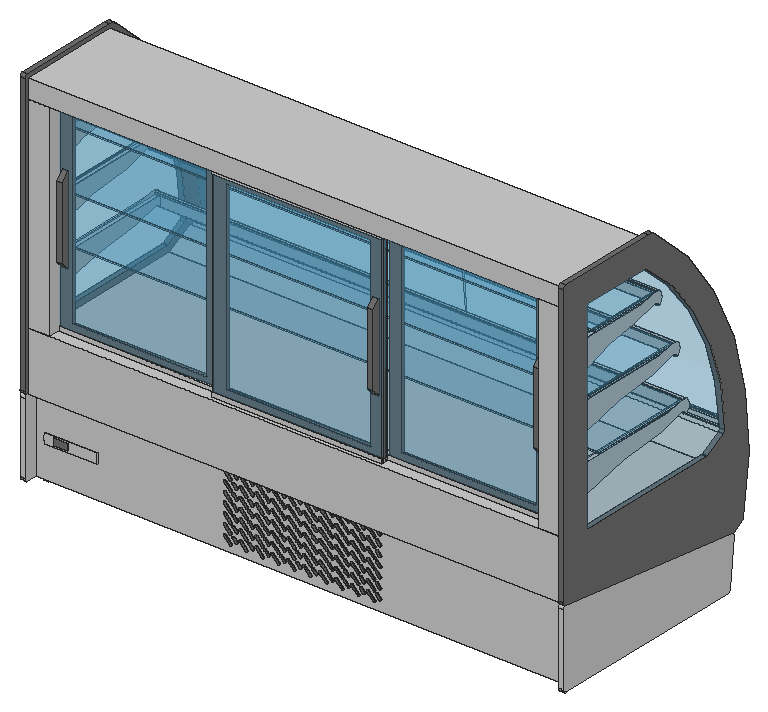
Revit family "QF_INFRICO_VBR18R_250814030451", category Specialty Equipment, Revit 2021 (continued)
Definition of nested family "QF_INFRICO_VBR18R_2920"
  Forms (mm)
    Extrusion 69, solid
      sketch origin (1955.876, -765.123, -1.698) x (-1, 0, 0) y (0, 0, 1)
        loop
          arc (983.532, 202.648) -> (983.532, 209.012) -> (977.168, 209.012) r 4.5
          line (977.168, 209.012) -> (965.855, 197.698)
          arc (965.855, 197.698) -> (965.855, 191.335) -> (972.219, 191.335) r 4.5
        loop
          line (992.976, 212.364) -> (1014.896, 234.284)
          arc (1014.896, 234.284) -> (1014.896, 240.648) -> (1008.532, 240.648) r 4.5
          line (1008.532, 240.648) -> (986.612, 218.728)
          arc (986.612, 218.728) -> (986.612, 212.364) -> (992.976, 212.364) r 4.5
        loop
          line (972.219, 225.335) -> (983.532, 236.648)
          arc (983.532, 236.648) -> (983.532, 243.012) -> (977.168, 243.012) r 4.5
          line (977.168, 243.012) -> (965.855, 231.698)
          arc (965.855, 231.698) -> (965.855, 225.335) -> (972.219, 225.335) r 4.5
        loop
          line (992.976, 246.364) -> (1014.896, 268.284)
          arc (1014.896, 268.284) -> (1014.896, 274.648) -> (1008.532, 274.648) r 4.5
          line (1008.532, 274.648) -> (986.612, 252.728)
          arc (986.612, 252.728) -> (986.612, 246.364) -> (992.976, 246.364) r 4.5
        loop
          line (972.219, 259.335) -> (983.532, 270.648)
          arc (983.532, 270.648) -> (983.532, 277.012) -> (977.168, 277.012) r 4.5
          line (977.168, 277.012) -> (965.855, 265.698)
          arc (965.855, 265.698) -> (965.855, 259.335) -> (972.219, 259.335) r 4.5
        loop
          line (936.976, 42.364) -> (958.896, 64.284)
          arc (958.896, 64.284) -> (958.896, 70.648) -> (952.532, 70.648) r 4.5
          line (952.532, 70.648) -> (930.612, 48.728)
          arc (930.612, 48.728) -> (930.612, 42.364) -> (936.976, 42.364) r 4.5
        loop
          line (916.219, 55.335) -> (927.532, 66.648)
          arc (927.532, 66.648) -> (927.532, 73.012) -> (921.168, 73.012) r 4.5
          line (921.168, 73.012) -> (909.855, 61.698)
          arc (909.855, 61.698) -> (909.855, 55.335) -> (916.219, 55.335) r 4.5
        loop
          line (936.976, 76.364) -> (958.896, 98.284)
          arc (958.896, 98.284) -> (958.896, 104.648) -> (952.532, 104.648) r 4.5
          line (952.532, 104.648) -> (930.612, 82.728)
          arc (930.612, 82.728) -> (930.612, 76.364) -> (936.976, 76.364) r 4.5
        loop
          line (916.219, 89.335) -> (927.532, 100.648)
          arc (927.532, 100.648) -> (927.532, 107.012) -> (921.168, 107.012) r 4.5
          line (921.168, 107.012) -> (909.855, 95.698)
          arc (909.855, 95.698) -> (909.855, 89.335) -> (916.219, 89.335) r 4.5
        loop
          line (936.976, 110.364) -> (958.896, 132.284)
          arc (958.896, 132.284) -> (958.896, 138.648) -> (952.532, 138.648) r 4.5
          line (952.532, 138.648) -> (930.612, 116.728)
          arc (930.612, 116.728) -> (930.612, 110.364) -> (936.976, 110.364) r 4.5
        loop
          line (916.219, 123.335) -> (927.532, 134.648)
          arc (927.532, 134.648) -> (927.532, 141.012) -> (921.168, 141.012) r 4.5
          line (921.168, 141.012) -> (909.855, 129.698)
          arc (909.855, 129.698) -> (909.855, 123.335) -> (916.219, 123.335) r 4.5
        loop
          line (936.976, 144.364) -> (958.896, 166.284)
          arc (958.896, 166.284) -> (958.896, 172.648) -> (952.532, 172.648) r 4.5
          line (952.532, 172.648) -> (930.612, 150.728)
          arc (930.612, 150.728) -> (930.612, 144.364) -> (936.976, 144.364) r 4.5
        loop
          line (916.219, 157.335) -> (927.532, 168.648)
          arc (927.532, 168.648) -> (927.532, 175.012) -> (921.168, 175.012) r 4.5
          line (921.168, 175.012) -> (909.855, 163.698)
          arc (909.855, 163.698) -> (909.855, 157.335) -> (916.219, 157.335) r 4.5
        loop
          line (936.976, 178.364) -> (958.896, 200.284)
          arc (958.896, 200.284) -> (958.896, 206.648) -> (952.532, 206.648) r 4.5
          line (952.532, 206.648) -> (930.612, 184.728)
          arc (930.612, 184.728) -> (930.612, 178.364) -> (936.976, 178.364) r 4.5
        loop
          line (916.219, 191.335) -> (927.532, 202.648)
          arc (927.532, 202.648) -> (927.532, 209.012) -> (921.168, 209.012) r 4.5
          line (921.168, 209.012) -> (909.855, 197.698)
          arc (909.855, 197.698) -> (909.855, 191.335) -> (916.219, 191.335) r 4.5
        loop
          line (936.976, 212.364) -> (958.896, 234.284)
          arc (958.896, 234.284) -> (958.896, 240.648) -> (952.532, 240.648) r 4.5
          line (952.532, 240.648) -> (930.612, 218.728)
          arc (930.612, 218.728) -> (930.612, 212.364) -> (936.976, 212.364) r 4.5
        loop
          line (916.219, 225.335) -> (927.532, 236.648)
          arc (927.532, 236.648) -> (927.532, 243.012) -> (921.168, 243.012) r 4.5
          line (921.168, 243.012) -> (909.855, 231.698)
          arc (909.855, 231.698) -> (909.855, 225.335) -> (916.219, 225.335) r 4.5
        loop
          line (936.976, 246.364) -> (958.896, 268.284)
          arc (958.896, 268.284) -> (958.896, 274.648) -> (952.532, 274.648) r 4.5
          line (952.532, 274.648) -> (930.612, 252.728)
          arc (930.612, 252.728) -> (930.612, 246.364) -> (936.976, 246.364) r 4.5
        loop
          line (916.219, 259.335) -> (927.532, 270.648)
          arc (927.532, 270.648) -> (927.532, 277.012) -> (921.168, 277.012) r 4.5
          line (921.168, 277.012) -> (909.855, 265.698)
          arc (909.855, 265.698) -> (909.855, 259.335) -> (916.219, 259.335) r 4.5
        loop
          line (880.976, 42.364) -> (902.896, 64.284)
          arc (902.896, 64.284) -> (902.896, 70.648) -> (896.532, 70.648) r 4.5
          line (896.532, 70.648) -> (874.612, 48.728)
          arc (874.612, 48.728) -> (874.612, 42.364) -> (880.976, 42.364) r 4.5
        loop
          line (860.219, 55.335) -> (871.532, 66.648)
          arc (871.532, 66.648) -> (871.532, 73.012) -> (865.168, 73.012) r 4.5
          line (865.168, 73.012) -> (853.855, 61.698)
          arc (853.855, 61.698) -> (853.855, 55.335) -> (860.219, 55.335) r 4.5
        loop
          line (880.976, 76.364) -> (902.896, 98.284)
          arc (902.896, 98.284) -> (902.896, 104.648) -> (896.532, 104.648) r 4.5
          line (896.532, 104.648) -> (874.612, 82.728)
          arc (874.612, 82.728) -> (874.612, 76.364) -> (880.976, 76.364) r 4.5
        loop
          line (860.219, 89.335) -> (871.532, 100.648)
          arc (871.532, 100.648) -> (871.532, 107.012) -> (865.168, 107.012) r 4.5
          line (865.168, 107.012) -> (853.855, 95.698)
          arc (853.855, 95.698) -> (853.855, 89.335) -> (860.219, 89.335) r 4.5
        loop
          line (880.976, 110.364) -> (902.896, 132.284)
          arc (902.896, 132.284) -> (902.896, 138.648) -> (896.532, 138.648) r 4.5
          line (896.532, 138.648) -> (874.612, 116.728)
          arc (874.612, 116.728) -> (874.612, 110.364) -> (880.976, 110.364) r 4.5
        loop
          line (860.219, 123.335) -> (871.532, 134.648)
          arc (871.532, 134.648) -> (871.532, 141.012) -> (865.168, 141.012) r 4.5
          line (865.168, 141.012) -> (853.855, 129.698)
          arc (853.855, 129.698) -> (853.855, 123.335) -> (860.219, 123.335) r 4.5
        loop
          line (880.976, 144.364) -> (902.896, 166.284)
          arc (902.896, 166.284) -> (902.896, 172.648) -> (896.532, 172.648) r 4.5
          line (896.532, 172.648) -> (874.612, 150.728)
          arc (874.612, 150.728) -> (874.612, 144.364) -> (880.976, 144.364) r 4.5
        loop
          line (860.219, 157.335) -> (871.532, 168.648)
          arc (871.532, 168.648) -> (871.532, 175.012) -> (865.168, 175.012) r 4.5
          line (865.168, 175.012) -> (853.855, 163.698)
          arc (853.855, 163.698) -> (853.855, 157.335) -> (860.219, 157.335) r 4.5
        loop
          line (880.976, 178.364) -> (902.896, 200.284)
          arc (902.896, 200.284) -> (902.896, 206.648) -> (896.532, 206.648) r 4.5
          line (896.532, 206.648) -> (874.612, 184.728)
          arc (874.612, 184.728) -> (874.612, 178.364) -> (880.976, 178.364) r 4.5
        loop
          line (860.219, 191.335) -> (871.532, 202.648)
          arc (871.532, 202.648) -> (871.532, 209.012) -> (865.168, 209.012) r 4.5
          line (865.168, 209.012) -> (853.855, 197.698)
          arc (853.855, 197.698) -> (853.855, 191.335) -> (860.219, 191.335) r 4.5
        loop
          line (880.976, 212.364) -> (902.896, 234.284)
          arc (902.896, 234.284) -> (902.896, 240.648) -> (896.532, 240.648) r 4.5
          line (896.532, 240.648) -> (874.612, 218.728)
          arc (874.612, 218.728) -> (874.612, 212.364) -> (880.976, 212.364) r 4.5
        loop
          line (860.219, 225.335) -> (871.532, 236.648)
          arc (871.532, 236.648) -> (871.532, 243.012) -> (865.168, 243.012) r 4.5
          line (865.168, 243.012) -> (853.855, 231.698)
          arc (853.855, 231.698) -> (853.855, 225.335) -> (860.219, 225.335) r 4.5
        loop
          line (880.976, 246.364) -> (902.896, 268.284)
          arc (902.896, 268.284) -> (902.896, 274.648) -> (896.532, 274.648) r 4.5
          line (896.532, 274.648) -> (874.612, 252.728)
          arc (874.612, 252.728) -> (874.612, 246.364) -> (880.976, 246.364) r 4.5
        loop
          line (860.219, 259.335) -> (871.532, 270.648)
          arc (871.532, 270.648) -> (871.532, 277.012) -> (865.168, 277.012) r 4.5
          line (865.168, 277.012) -> (853.855, 265.698)
          arc (853.855, 265.698) -> (853.855, 259.335) -> (860.219, 259.335) r 4.5
        loop
          line (824.976, 42.364) -> (846.896, 64.284)
          arc (846.896, 64.284) -> (846.896, 70.648) -> (840.532, 70.648) r 4.5
          line (840.532, 70.648) -> (818.612, 48.728)
          arc (818.612, 48.728) -> (818.612, 42.364) -> (824.976, 42.364) r 4.5
        loop
          line (804.219, 55.335) -> (815.532, 66.648)
          arc (815.532, 66.648) -> (815.532, 73.012) -> (809.168, 73.012) r 4.5
          line (809.168, 73.012) -> (797.855, 61.698)
          arc (797.855, 61.698) -> (797.855, 55.335) -> (804.219, 55.335) r 4.5
        loop
          line (824.976, 76.364) -> (846.896, 98.284)
          arc (846.896, 98.284) -> (846.896, 104.648) -> (840.532, 104.648) r 4.5
          line (840.532, 104.648) -> (818.612, 82.728)
          arc (818.612, 82.728) -> (818.612, 76.364) -> (824.976, 76.364) r 4.5
        loop
          line (804.219, 89.335) -> (815.532, 100.648)
          arc (815.532, 100.648) -> (815.532, 107.012) -> (809.168, 107.012) r 4.5
          line (809.168, 107.012) -> (797.855, 95.698)
          arc (797.855, 95.698) -> (797.855, 89.335) -> (804.219, 89.335) r 4.5
        loop
          line (824.976, 110.364) -> (846.896, 132.284)
          arc (846.896, 132.284) -> (846.896, 138.648) -> (840.532, 138.648) r 4.5
          line (840.532, 138.648) -> (818.612, 116.728)
          arc (818.612, 116.728) -> (818.612, 110.364) -> (824.976, 110.364) r 4.5
        loop
          line (804.219, 123.335) -> (815.532, 134.648)
          arc (815.532, 134.648) -> (815.532, 141.012) -> (809.168, 141.012) r 4.5
          line (809.168, 141.012) -> (797.855, 129.698)
          arc (797.855, 129.698) -> (797.855, 123.335) -> (804.219, 123.335) r 4.5
        loop
          line (824.976, 144.364) -> (846.896, 166.284)
          arc (846.896, 166.284) -> (846.896, 172.648) -> (840.532, 172.648) r 4.5
          line (840.532, 172.648) -> (818.612, 150.728)
          arc (818.612, 150.728) -> (818.612, 144.364) -> (824.976, 144.364) r 4.5
        loop
          line (804.219, 157.335) -> (815.532, 168.648)
          arc (815.532, 168.648) -> (815.532, 175.012) -> (809.168, 175.012) r 4.5
          line (809.168, 175.012) -> (797.855, 163.698)
          arc (797.855, 163.698) -> (797.855, 157.335) -> (804.219, 157.335) r 4.5
        loop
          line (824.976, 178.364) -> (846.896, 200.284)
          arc (846.896, 200.284) -> (846.896, 206.648) -> (840.532, 206.648) r 4.5
          line (840.532, 206.648) -> (818.612, 184.728)
          arc (818.612, 184.728) -> (818.612, 178.364) -> (824.976, 178.364) r 4.5
        loop
          line (804.219, 191.335) -> (815.532, 202.648)
          arc (815.532, 202.648) -> (815.532, 209.012) -> (809.168, 209.012) r 4.5
          line (809.168, 209.012) -> (797.855, 197.698)
          arc (797.855, 197.698) -> (797.855, 191.335) -> (804.219, 191.335) r 4.5
        loop
          line (824.976, 212.364) -> (846.896, 234.284)
          arc (846.896, 234.284) -> (846.896, 240.648) -> (840.532, 240.648) r 4.5
          line (840.532, 240.648) -> (818.612, 218.728)
          arc (818.612, 218.728) -> (818.612, 212.364) -> (824.976, 212.364) r 4.5
        loop
          line (804.219, 225.335) -> (815.532, 236.648)
          arc (815.532, 236.648) -> (815.532, 243.012) -> (809.168, 243.012) r 4.5
          line (809.168, 243.012) -> (797.855, 231.698)
          arc (797.855, 231.698) -> (797.855, 225.335) -> (804.219, 225.335) r 4.5
        loop
          line (824.976, 246.364) -> (846.896, 268.284)
          arc (846.896, 268.284) -> (846.896, 274.648) -> (840.532, 274.648) r 4.5
          line (840.532, 274.648) -> (818.612, 252.728)
          arc (818.612, 252.728) -> (818.612, 246.364) -> (824.976, 246.364) r 4.5
        loop
          line (804.219, 259.335) -> (815.532, 270.648)
          arc (815.532, 270.648) -> (815.532, 277.012) -> (809.168, 277.012) r 4.5
          line (809.168, 277.012) -> (797.855, 265.698)
          arc (797.855, 265.698) -> (797.855, 259.335) -> (804.219, 259.335) r 4.5
        loop
          line (768.976, 42.364) -> (790.896, 64.284)
          arc (790.896, 64.284) -> (790.896, 70.648) -> (784.532, 70.648) r 4.5
          line (784.532, 70.648) -> (762.612, 48.728)
          arc (762.612, 48.728) -> (762.612, 42.364) -> (768.976, 42.364) r 4.5
        loop
          line (748.219, 55.335) -> (759.532, 66.648)
          arc (759.532, 66.648) -> (759.532, 73.012) -> (753.168, 73.012) r 4.5
          line (753.168, 73.012) -> (741.855, 61.698)
          arc (741.855, 61.698) -> (741.855, 55.335) -> (748.219, 55.335) r 4.5
        loop
          line (768.976, 76.364) -> (790.896, 98.284)
          arc (790.896, 98.284) -> (790.896, 104.648) -> (784.532, 104.648) r 4.5
          line (784.532, 104.648) -> (762.612, 82.728)
          arc (762.612, 82.728) -> (762.612, 76.364) -> (768.976, 76.364) r 4.5
        loop
          line (748.219, 89.335) -> (759.532, 100.648)
          arc (759.532, 100.648) -> (759.532, 107.012) -> (753.168, 107.012) r 4.5
          line (753.168, 107.012) -> (741.855, 95.698)
          arc (741.855, 95.698) -> (741.855, 89.335) -> (748.219, 89.335) r 4.5
        loop
          line (768.976, 110.364) -> (790.896, 132.284)
          arc (790.896, 132.284) -> (790.896, 138.648) -> (784.532, 138.648) r 4.5
          line (784.532, 138.648) -> (762.612, 116.728)
          arc (762.612, 116.728) -> (762.612, 110.364) -> (768.976, 110.364) r 4.5
        loop
          line (748.219, 123.335) -> (759.532, 134.648)
          arc (759.532, 134.648) -> (759.532, 141.012) -> (753.168, 141.012) r 4.5
          line (753.168, 141.012) -> (741.855, 129.698)
          arc (741.855, 129.698) -> (741.855, 123.335) -> (748.219, 123.335) r 4.5
        loop
          line (768.976, 144.364) -> (790.896, 166.284)
          arc (790.896, 166.284) -> (790.896, 172.648) -> (784.532, 172.648) r 4.5
          line (784.532, 172.648) -> (762.612, 150.728)
          arc (762.612, 150.728) -> (762.612, 144.364) -> (768.976, 144.364) r 4.5
        loop
          line (748.219, 157.335) -> (759.532, 168.648)
          arc (759.532, 168.648) -> (759.532, 175.012) -> (753.168, 175.012) r 4.5
          line (753.168, 175.012) -> (741.855, 163.698)
          arc (741.855, 163.698) -> (741.855, 157.335) -> (748.219, 157.335) r 4.5
        loop
          line (768.976, 178.364) -> (790.896, 200.284)
          arc (790.896, 200.284) -> (790.896, 206.648) -> (784.532, 206.648) r 4.5
          line (784.532, 206.648) -> (762.612, 184.728)
          arc (762.612, 184.728) -> (762.612, 178.364) -> (768.976, 178.364) r 4.5
        loop
          line (748.219, 191.335) -> (759.532, 202.648)
          arc (759.532, 202.648) -> (759.532, 209.012) -> (753.168, 209.012) r 4.5
          line (753.168, 209.012) -> (741.855, 197.698)
          arc (741.855, 197.698) -> (741.855, 191.335) -> (748.219, 191.335) r 4.5
        loop
          line (768.976, 212.364) -> (790.896, 234.284)
          arc (790.896, 234.284) -> (790.896, 240.648) -> (784.532, 240.648) r 4.5
          line (784.532, 240.648) -> (762.612, 218.728)
          arc (762.612, 218.728) -> (762.612, 212.364) -> (768.976, 212.364) r 4.5
        loop
          line (748.219, 225.335) -> (759.532, 236.648)
          arc (759.532, 236.648) -> (759.532, 243.012) -> (753.168, 243.012) r 4.5
          line (753.168, 243.012) -> (741.855, 231.698)
          arc (741.855, 231.698) -> (741.855, 225.335) -> (748.219, 225.335) r 4.5
        loop
          line (768.976, 246.364) -> (790.896, 268.284)
          arc (790.896, 268.284) -> (790.896, 274.648) -> (784.532, 274.648) r 4.5
          line (784.532, 274.648) -> (762.612, 252.728)
          arc (762.612, 252.728) -> (762.612, 246.364) -> (768.976, 246.364) r 4.5
        loop
          line (748.219, 259.335) -> (759.532, 270.648)
          arc (759.532, 270.648) -> (759.532, 277.012) -> (753.168, 277.012) r 4.5
          line (753.168, 277.012) -> (741.855, 265.698)
          arc (741.855, 265.698) -> (741.855, 259.335) -> (748.219, 259.335) r 4.5
      from 0 to 2
    Extrusion 70, solid
      sketch origin (-1164.261, -765.023, -465.555) x (1, 0, 0) y (0, 0, 1)
        loop
          arc (1199.261, 600.555) -> (1290.761, 599.555) -> (1382.261, 600.555) r 4186.625
          arc (1382.261, 600.555) -> (1383.261, 617.555) -> (1382.261, 634.555) r 145
          arc (1382.261, 634.555) -> (1290.761, 635.555) -> (1199.261, 634.555) r 4186.625
          arc (1199.261, 634.555) -> (1198.261, 617.555) -> (1199.261, 600.555) r 145
      from 0 to 5
    Extrusion 71, solid
      sketch origin (-1145.261, -768.123, -465.555) x (1, 0, 0) y (0, 0, 1)
        loop
          line (1212.261, 629.555) -> (1212.261, 605.555) -> (1262.261, 605.555) -> (1262.261, 629.555) -> (1212.261, 629.555)
      from 0 to 2
    Extrusion 72, solid, visible <- "Show Logo"
      sketch origin (1362.72, -52.93, -305.042) x (-1, 0, 0) y (0, -0.045615, -0.998959)
        loop
          line (1208.799, -696.53) -> (1204.173, -696.53) -> (1204.173, -719.204) -> (1208.799, -719.204) -> (1208.799, -696.53)
        loop
          arc (1214.779, -713.006) -> (1215.36, -712.765) -> (1215.601, -712.184) r 0.822
          line (1215.601, -712.184) -> (1215.669, -711.361)
          arc (1215.669, -711.361) -> (1218.282, -712.674) -> (1221.141, -713.281) r 11.435
          arc (1221.141, -713.281) -> (1224.637, -712.075) -> (1226.121, -708.689) r 4.607
          line (1226.121, -708.689) -> (1226.121, -696.53) -> (1221.598, -696.53) -> (1221.598, -707.557)
          arc (1221.598, -707.557) -> (1220.929, -708.961) -> (1219.417, -709.324) r 1.806
          arc (1219.417, -709.324) -> (1217.528, -708.741) -> (1215.772, -707.832) r 11.052
          line (1215.772, -707.832) -> (1215.772, -696.53) -> (1211.283, -696.53) -> (1211.283, -713.006) -> (1214.779, -713.006)
        loop
          line (1238.557, -720.102) -> (1238.557, -717.255)
          arc (1238.557, -717.255) -> (1238.306, -716.65) -> (1237.7, -716.399) r 0.857
          line (1237.7, -716.399) -> (1236.045, -716.271)
          arc (1236.045, -716.271) -> (1234.956, -715.705) -> (1234.547, -714.548) r 1.67
          line (1234.547, -714.548) -> (1234.547, -712.938) -> (1238.249, -712.938) -> (1238.249, -709.374) -> (1234.547, -709.374) -> (1234.547, -696.53) -> (1230.024, -696.53) -> (1230.024, -709.374) -> (1227.351, -709.374) -> (1227.351, -712.703) -> (1230.024, -712.909) -> (1230.024, -715.062)
          arc (1230.024, -715.062) -> (1230.805, -717.616) -> (1232.881, -719.297) r 4.567
          arc (1232.881, -719.297) -> (1235.052, -719.926) -> (1237.306, -720.102) r 11.103
          line (1237.306, -720.102) -> (1238.557, -720.102)
        loop
          line (1239.479, -713.006) -> (1243.726, -713.006) -> (1243.899, -710.984)
          arc (1243.899, -710.984) -> (1246.197, -712.588) -> (1248.912, -713.28) r 7.833
          arc (1248.912, -713.28) -> (1249.531, -713.061) -> (1249.793, -712.458) r 0.824
          line (1249.793, -712.458) -> (1249.793, -710.265)
          arc (1249.793, -710.265) -> (1249.643, -709.758) -> (1249.241, -709.416) r 0.928
          line (1249.241, -709.416) -> (1248.077, -709.268)
          arc (1248.077, -709.268) -> (1245.873, -708.631) -> (1243.968, -707.352) r 7.435
          line (1243.968, -707.352) -> (1243.968, -696.53) -> (1239.479, -696.53) -> (1239.479, -713.006)
        loop
          line (1255.495, -696.53) -> (1251.006, -696.53) -> (1251.006, -713.006) -> (1255.495, -713.006) -> (1255.495, -696.53)
        loop
          line (1257.421, -701.327) -> (1257.421, -708.243)
          arc (1257.421, -708.243) -> (1258.571, -711.349) -> (1261.466, -712.959) r 4.772
          arc (1261.466, -712.959) -> (1264.493, -713.294) -> (1267.521, -712.959) r 13.851
          arc (1267.521, -712.959) -> (1270.524, -710.556) -> (1271.505, -706.838) r 6.132
          line (1271.505, -706.838) -> (1267.187, -706.838) -> (1267.187, -707.9)
          arc (1267.187, -707.9) -> (1266.64, -709.118) -> (1265.442, -709.705) r 1.965
          arc (1265.442, -709.705) -> (1264.547, -709.754) -> (1263.653, -709.705) r 8.196
          arc (1263.653, -709.705) -> (1262.417, -709.155) -> (1261.91, -707.9) r 1.806
          line (1261.91, -707.9) -> (1261.91, -701.67)
          arc (1261.91, -701.67) -> (1262.417, -700.415) -> (1263.653, -699.865) r 1.806
          arc (1263.653, -699.865) -> (1264.547, -699.816) -> (1265.442, -699.865) r 8.196
          arc (1265.442, -699.865) -> (1266.64, -700.452) -> (1267.187, -701.67) r 1.965
          line (1267.187, -701.67) -> (1267.187, -703.041) -> (1271.505, -703.041)
          arc (1271.505, -703.041) -> (1270.575, -699.134) -> (1267.521, -696.525) r 6.481
          arc (1267.521, -696.525) -> (1264.493, -696.266) -> (1261.466, -696.525) r 17.816
          arc (1261.466, -696.525) -> (1258.567, -698.188) -> (1257.421, -701.327) r 4.873
        loop
          line (1272.916, -701.329) -> (1272.916, -708.242)
          arc (1272.916, -708.242) -> (1273.993, -711.226) -> (1276.726, -712.837) r 4.676
          arc (1276.726, -712.837) -> (1278.515, -713.116) -> (1280.318, -713.28) r 28.371
          arc (1280.318, -713.28) -> (1282.122, -713.116) -> (1283.911, -712.837) r 28.371
          arc (1283.911, -712.837) -> (1286.644, -711.226) -> (1287.72, -708.242) r 4.676
          line (1287.72, -708.242) -> (1287.72, -701.329)
          arc (1287.72, -701.329) -> (1286.644, -698.345) -> (1283.911, -696.734) r 4.676
          arc (1283.911, -696.734) -> (1282.122, -696.455) -> (1280.318, -696.291) r 28.371
          arc (1280.318, -696.291) -> (1278.515, -696.455) -> (1276.726, -696.734) r 28.371
          arc (1276.726, -696.734) -> (1273.993, -698.345) -> (1272.916, -701.329) r 4.676
        loop
          arc (1277.405, -707.866) -> (1277.844, -709.015) -> (1278.936, -709.58) r 1.725
          arc (1278.936, -709.58) -> (1279.627, -709.653) -> (1280.318, -709.716) r 46.133
          arc (1280.318, -709.716) -> (1281.01, -709.653) -> (1281.701, -709.58) r 46.133
          arc (1281.701, -709.58) -> (1282.793, -709.015) -> (1283.231, -707.866) r 1.725
          line (1283.231, -707.866) -> (1283.231, -701.705)
          arc (1283.231, -701.705) -> (1282.793, -700.556) -> (1281.701, -699.991) r 1.725
          arc (1281.701, -699.991) -> (1281.01, -699.918) -> (1280.318, -699.856) r 46.133
          arc (1280.318, -699.856) -> (1279.627, -699.918) -> (1278.936, -699.991) r 46.133
          arc (1278.936, -699.991) -> (1277.844, -700.556) -> (1277.405, -701.705) r 1.725
          line (1277.405, -701.705) -> (1277.405, -707.866)
        loop
          line (1190.339, -696.543) -> (1170.042, -696.543)
          arc (1170.042, -696.543) -> (1168.969, -696.987) -> (1168.525, -698.059) r 1.516
          line (1168.525, -698.059) -> (1168.525, -703.891) -> (1164.346, -703.891)
          arc (1164.346, -703.891) -> (1163.591, -704.121) -> (1163.163, -704.782) r 1.147
          line (1163.163, -704.782) -> (1163.163, -706.211)
          arc (1163.163, -706.211) -> (1163.594, -707.258) -> (1164.662, -707.634) r 1.385
          line (1164.662, -707.634) -> (1165.861, -707.634) -> (1163.163, -710.332)
          arc (1163.163, -710.332) -> (1162.776, -711.266) -> (1163.163, -712.2) r 1.321
          line (1163.163, -712.2) -> (1163.886, -712.923)
          arc (1163.886, -712.923) -> (1164.841, -713.338) -> (1165.823, -712.991) r 1.422
          line (1165.823, -712.991) -> (1168.528, -710.286) -> (1168.528, -711.479)
          arc (1168.528, -711.479) -> (1168.938, -712.516) -> (1169.946, -712.992) r 1.516
          line (1169.946, -712.992) -> (1170.867, -712.992)
          arc (1170.867, -712.992) -> (1171.87, -712.514) -> (1172.278, -711.479) r 1.516
          line (1172.278, -711.479) -> (1172.278, -706.83) -> (1178.308, -701.336) -> (1178.308, -707.509) -> (1174.742, -711.075)
          arc (1174.742, -711.075) -> (1174.328, -712.073) -> (1174.742, -713.071) r 1.412
          line (1174.742, -713.071) -> (1175.394, -713.723)
          arc (1175.394, -713.723) -> (1176.442, -714.141) -> (1177.466, -713.667) r 1.428
          line (1177.466, -713.667) -> (1178.308, -712.825) -> (1178.308, -717.784)
          arc (1178.308, -717.784) -> (1178.723, -718.787) -> (1179.726, -719.203) r 1.418
          line (1179.726, -719.203) -> (1180.655, -719.203)
          arc (1180.655, -719.203) -> (1181.658, -718.787) -> (1182.073, -717.784) r 1.418
          line (1182.073, -717.784) -> (1182.073, -712.825) -> (1182.915, -713.667)
          arc (1182.915, -713.667) -> (1183.939, -714.141) -> (1184.987, -713.723) r 1.428
          line (1184.987, -713.723) -> (1185.639, -713.071)
          arc (1185.639, -713.071) -> (1186.053, -712.073) -> (1185.639, -711.075) r 1.412
          line (1185.639, -711.075) -> (1182.073, -707.509) -> (1182.073, -701.336) -> (1188.103, -706.83) -> (1188.103, -711.479)
          arc (1188.103, -711.479) -> (1188.511, -712.514) -> (1189.514, -712.992) r 1.516
          line (1189.514, -712.992) -> (1190.435, -712.992)
          arc (1190.435, -712.992) -> (1191.443, -712.516) -> (1191.853, -711.479) r 1.516
          line (1191.853, -711.479) -> (1191.853, -710.286) -> (1194.558, -712.991)
          arc (1194.558, -712.991) -> (1195.54, -713.338) -> (1196.495, -712.923) r 1.422
          line (1196.495, -712.923) -> (1197.218, -712.2)
          arc (1197.218, -712.2) -> (1197.605, -711.266) -> (1197.218, -710.332) r 1.321
          line (1197.218, -710.332) -> (1194.52, -707.634) -> (1195.719, -707.634)
          arc (1195.719, -707.634) -> (1196.787, -707.258) -> (1197.218, -706.211) r 1.385
          line (1197.218, -706.211) -> (1197.218, -704.782)
          arc (1197.218, -704.782) -> (1196.79, -704.121) -> (1196.035, -703.891) r 1.147
          line (1196.035, -703.891) -> (1191.856, -703.891) -> (1191.856, -698.059)
          arc (1191.856, -698.059) -> (1191.411, -696.987) -> (1190.339, -696.543) r 1.516
      from 0 to 2
    Extrusion 73, solid
      sketch origin (-1000, 0, 479) x (1, 0, 0) y (0, 1, 0)
        loop
          line (1000, -699.023) -> (1050, -699.023) -> (1050, -739.023) -> (2825, -739.023) -> (2825, -699.023) -> (2875, -699.023) -> (2875, -688.023) -> (1000, -688.023) -> (1000, -699.023)
      from 0 to 2
    Extrusion 74, solid
      sketch origin (0, 0, 0) x (0, 1, 0) y (0, 0, 1)
        loop
          line (-688.023, 479) -> (-690.023, 479) -> (-690.023, 448) -> (-688.023, 448) -> (-688.023, 479)
      from 0 to 1875
    Extrusion 75, solid
      sketch origin (110, 26, 0) x (0, 1, 0) y (0, 0, -1)
        loop
          line (-786.023, -708.5) -> (-810, -734.5) -> (-810, -989.525) -> (-786.023, -1015.5) -> (-786.023, -708.5)
      from 0 to 19
    Extrusion 76, solid
      sketch origin (1765, 26, 0) x (0, 1, 0) y (0, 0, 1)
        loop
          line (-786.023, 708.5) -> (-786.023, 1015.5) -> (-810, 989.525) -> (-810, 734.5) -> (-786.023, 708.5)
      from 0 to 19
    Extrusion 77, solid
      sketch origin (937.5, -810.003, 0) x (0, -1, 0) y (0, 0, -1)
        loop
          arc (-374.98, -1256) -> (-665.209, -929.649) -> (-766.979, -504.936) r 897.239
          line (-766.979, -504.936) -> (-772.979, -504.936)
          arc (-772.979, -504.936) -> (-670.513, -932.453) -> (-378.358, -1260.959) r 903.239
          line (-378.358, -1260.959) -> (-374.98, -1256)
      from 0 to 937.5
    Extrusion 78, solid
      sketch origin (937.5, -810.003, 0) x (0, -1, 0) y (0, 0, -1)
        loop
          line (-741.98, -481) -> (-754.98, -481)
          arc (-754.98, -481) -> (-757.566, -481.786) -> (-759.98, -483) r 15.809
          line (-759.98, -483) -> (-772.98, -491) -> (-778.98, -491) -> (-778.98, -524) -> (-772.98, -524) -> (-772.98, -505) -> (-766.98, -505) -> (-766.98, -524) -> (-759.98, -524) -> (-756.98, -497) -> (-749.98, -497) -> (-749.98, -515) -> (-741.98, -515) -> (-741.98, -481)
      from 0 to 937.5
    Extrusion 79, solid
      sketch origin (1235, -679.936, 48.526) x (0, -1, 0) y (0, 0, -1)
        loop
          line (80.087, -1163.474) -> (80.087, -463.474) -> (75.087, -463.474) -> (75.087, -1163.474) -> (80.087, -1163.474)
      from 0 to 562
    Extrusion 80, solid
      sketch origin (1235, -666.936, 48.526) x (0, -1, 0) y (0, 0, -1)
        loop
          line (80.087, -1163.474) -> (80.087, -463.474) -> (75.087, -463.474) -> (75.087, -1163.474) -> (80.087, -1163.474)
      from 0 to 562
    Extrusion 81, solid
      sketch origin (2235, -679.936, 48.526) x (1, 0, 0) y (0, 0, -1)
        loop
          line (-1000, -1163.474) -> (-438, -1163.474) -> (-438, -463.474) -> (-1000, -463.474) -> (-1000, -1163.474)
        loop
          line (-483, -488.474) -> (-955, -488.474) -> (-955, -1138.474) -> (-483, -1138.474) -> (-483, -488.474)
      from -75.087 to -67.087
    Extrusion 82, solid
      sketch origin (1235, -679.936, 1675.474) x (0, -1, 0) y (0, 0, -1)
        loop
          line (80.087, 1157.474) -> (83.087, 1157.474) -> (83.087, 1173.474) -> (80.087, 1173.474) -> (80.087, 1166.474) -> (74.087, 1166.474) -> (74.087, 1173.474) -> (68.087, 1173.474) -> (68.087, 1166.474) -> (62.087, 1166.474) -> (62.087, 1173.474) -> (59.087, 1173.474) -> (59.087, 1157.474) -> (62.087, 1157.474) -> (62.087, 1163.474) -> (80.087, 1163.474) -> (80.087, 1157.474)
      from 0 to 562
    Extrusion 83, solid
      sketch origin (1235, -679.936, 48.526) x (0, -1, 0) y (0, 0, -1)
        loop
          line (80.087, -1157.474) -> (80.087, -1163.474) -> (62.087, -1163.474) -> (62.087, -1157.474) -> (59.087, -1157.474) -> (59.087, -1173.474) -> (62.087, -1173.474) -> (62.087, -1166.474) -> (68.087, -1166.474) -> (68.087, -1173.474) -> (74.087, -1173.474) -> (74.087, -1166.474) -> (80.087, -1166.474) -> (80.087, -1173.474) -> (83.087, -1173.474) -> (83.087, -1157.474) -> (80.087, -1157.474)
      from 0 to 562
    Extrusion 84, solid
      sketch origin (1203, 0, 0) x (0, 1, 0) y (0, 0, 1)
        loop
          line (-786.023, 708.5) -> (-786.023, 1015.5) -> (-810, 989.525) -> (-810, 734.5) -> (-786.023, 708.5)
      from 0 to 19
    Extrusion 85, solid
      sketch origin (-1186.261, -424.423, 613.945) x (1, 0, 0) y (0, 0, -1)
        loop
          line (1212.261, -629.555) -> (1262.261, -629.555) -> (1262.261, -605.555) -> (1212.261, -605.555) -> (1212.261, -629.555)
      from 0 to 2
    Extrusion 86, solid
      sketch origin (-32, 0, 0) x (0, 1, 0) y (0, 0, 1)
        loop
          line (-422.523, 1219.5) -> (-422.523, 1243.5)
          arc (-422.523, 1243.5) -> (-423.255, 1245.268) -> (-425.023, 1246) r 2.5
          line (-425.023, 1246) -> (-425.023, 1217)
          arc (-425.023, 1217) -> (-423.255, 1217.732) -> (-422.523, 1219.5) r 2.5
      from 44 to 122
  Cuts and joins
    joined: Extrusion 73, Extrusion 74
  Lines and regions (mm)
    symbolic lines
      curve 1: line (1875, -800.023, 0) -> (1875, -810, 0)
      curve 2: line (1875, -810, 0) -> (1893, -810, 0)
      curve 3: line (1893, -810, 0) -> (1893, 0, 0)
      curve 4: line (1893, 0, 0) -> (1875, 0, 0)
      curve 5: line (1875, 0, 0) -> (1875, -18.791, 0)
      curve 6: line (1875, -18.791, 0) -> (0, -18.791, 0)
      curve 7: line (0, -18.791, 0) -> (0, 0, 0)
      curve 8: line (0, 0, 0) -> (-18, 0, 0)
      curve 9: line (-18, 0, 0) -> (-18, -810, 0)
      curve 10: line (-18, -810, 0) -> (0, -810, 0)
      curve 11: line (0, -810, 0) -> (0, -800.023, 0)
      curve 12: line (0, -800.023, 0) -> (1875, -800.023, 0)
      curve 13: line (0, -18.791, 0) -> (0, -800.023, 0)
      curve 14: line (1875, -800.023, 0) -> (1875, -18.791, 0)
      curve 15: line (1875, -31.023, 0) -> (0, -31.023, 0)
      curve 16: line (0, -37.023, 0) -> (1875, -37.023, 0)
      curve 17: line (1875, -444.023, 0) -> (0, -444.023, 0)
      curve 18: line (1875, -435.023, 0) -> (0, -435.023, 0)
      curve 19: line (1875, -431.645, 0) -> (0, -431.645, 0)
      curve 20: line (937.5, -31.023, 0) -> (937.5, -435.023, 0)
  Dimensions and locks
    plane 1 "Back" to plane 5 "Front" = 810 mm  (x2)
    plane 3 "Left" to plane 4 "Right" = 1875 mm
    plane 6 "Top" to level = 1300 mm  (x2)
    plane 4 "Right" to plane 3 "Left" = 1875 mm
    aligned and locked: level to plane 2
Definition of nested family "CONN_POINT_ELE_2D___Generic_Annotation"
  Parameters (values of type "CONN_POINT_ELE_2D___Generic_Annotation")
    Onboard connection annotation symbol visibility [instance] = yes
  Reference planes
    plane 1: y = 0
    plane 2: x = 0
  Lines and regions (mm)
    detail lines, visible <- "Onboard connection annotation symbol visibility"
      curve 1: circle (0, 0, 0) r 0.5 normal (0, 0, 1)
      curve 2: line (-1, 0, 0) -> (1, 0, 0)
      curve 3: line (0, 1, 0) -> (0, -1, 0)
      curve 4: line (2.5, 1, 0) -> (1.25, 1, 0)
      curve 5: line (1.25, 1, 0) -> (1.25, -1, 0)
      curve 6: line (1.25, -1, 0) -> (2.5, -1, 0)
      curve 7: line (1.25, 0, 0) -> (2, 0, 0)
